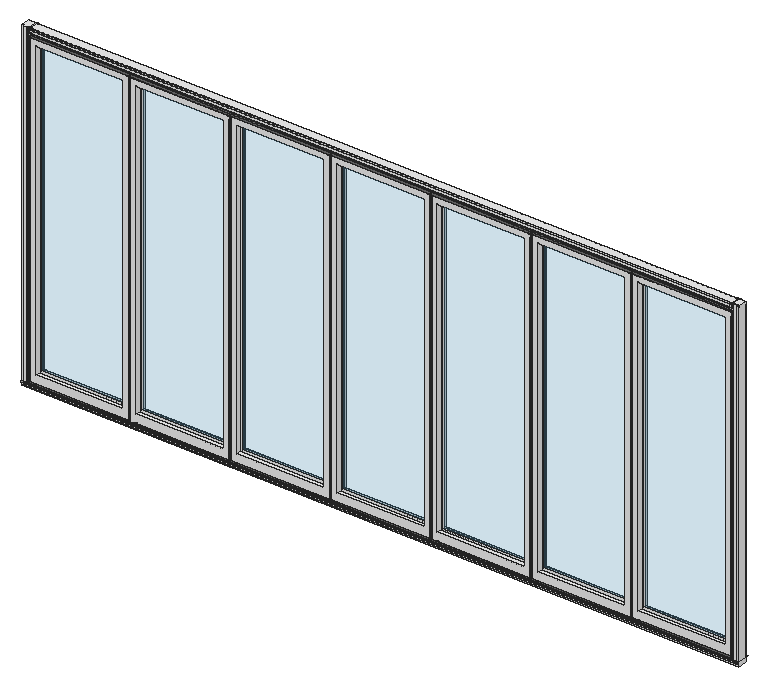
Revit family "Door-NanaWall-Acoustic-645_UPDATED_v2", category Doors, host Wall, Revit 2019 (continued)
Definition of nested family "Sill"
  Parameters (values of type "Sill")
    Height = 2438.40 mm
    Flush Sill = Constraint = 3  # yes
    Constraint = 3
    Assembly Code = ""
    Analytic Construction = "<None>"
  Reference planes
    plane 1 "Center (Front/Back)": y = 0
    plane 2: z = 0
    plane 3 "Center (Left/Right)": x = -185.473
    plane 4 "Left": x = -2928.673
    plane 5 "Right": x = 2557.727
    plane 6: x = -2928.673
    plane 7: x = 2557.727
  Forms (mm)
    Sweep 1, solid, material <- "Sill", visible <- "Flush Sill", detail levels medium+fine
      path origin (1592.527, -0.319, -10.5) x (-1, 0, 0) y (0, -1, 0)
        loop
          line (4521.2, 0) -> (-965.2, 0)
      profile origin (-185.473, -0.319, -10.5) x (0, 1, 0) y (0, 0, 1)
        loop
          line (17.419, -17.5) -> (31.919, -17.5) -> (31.919, -21) -> (29.619, -21) -> (30.021, -22.5) -> (33.919, -22.5) -> (33.919, 10.5) -> (53.465, 10.5)
          arc (53.465, 10.5) -> (53.95, 10.985) -> (53.772, 11.646) r 0.685
          line (53.772, 11.646) -> (52.919, 12.5) -> (-48.635, 12.5) -> (-49.488, 11.646)
          arc (-49.488, 11.646) -> (-49.666, 10.985) -> (-49.181, 10.5) r 0.685
          line (-49.181, 10.5) -> (-34.681, 10.5) -> (-34.681, -10.5) -> (-33.281, -10.5) -> (-33.281, -22.5) -> (-29.383, -22.5) -> (-28.981, -21) -> (-31.281, -21) -> (-31.281, -17.5) -> (-16.781, -17.5) -> (-16.781, -21) -> (-18.981, -21) -> (-18.579, -22.5) -> (-12.681, -22.5) -> (-12.681, -17.5) -> (-7.181, -17.5) -> (-7.181, -22.5) -> (-6.124, -22.5) -> (-3.006, -20.7) -> (12.644, -20.7) -> (15.761, -22.5) -> (19.217, -22.5) -> (19.619, -21) -> (17.419, -21) -> (17.419, -17.5)
    Sweep 2, solid, material <- "Sill", visible <- "Minimal Interior Sill", detail levels medium+fine
      path origin (1592.527, -0.319, 0) x (-1, 0, 0) y (0, -1, 0)
        loop
          line (4521.2, 0) -> (-965.2, 0)
      profile origin (-185.473, -0.319, 0) x (0, 1, 0) y (0, 0, 1)
        loop
          line (-11.681, 0) -> (-34.181, 0)
          arc (-34.181, 0) -> (-34.535, -0.146) -> (-34.681, -0.5) r 0.5
          line (-34.681, -0.5) -> (-34.681, -14)
          arc (-34.681, -14) -> (-34.535, -14.354) -> (-34.181, -14.5) r 0.5
          line (-34.181, -14.5) -> (23.819, -14.5)
          arc (23.819, -14.5) -> (24.172, -14.354) -> (24.319, -14) r 0.5
          line (24.319, -14) -> (24.319, -7.5)
          arc (24.319, -7.5) -> (24.172, -7.146) -> (23.819, -7) r 0.5
          line (23.819, -7) -> (19.119, -7)
          arc (19.119, -7) -> (18.765, -7.146) -> (18.619, -7.5) r 0.5
          line (18.619, -7.5) -> (18.619, -11.5)
          arc (18.619, -11.5) -> (18.472, -11.854) -> (18.119, -12) r 0.5
          line (18.119, -12) -> (-10.681, -12)
          arc (-10.681, -12) -> (-11.035, -11.854) -> (-11.181, -11.5) r 0.5
          line (-11.181, -11.5) -> (-11.181, -0.5)
          arc (-11.181, -0.5) -> (-11.328, -0.146) -> (-11.681, 0) r 0.5
  Lines and regions (mm)
    Masking region 1
      outline origin (0, 0, 0) x (1, 0, 0) y (0, 1, 0)
        loop
          line (-2928.673, -50.877) -> (2557.727, -50.877) -> (2557.727, 62.339) -> (-2928.673, 62.339) -> (-2928.673, -50.877)
    Masking region 2, visible <- "Flush Sill"
      outline origin (-185.473, 0, -10.5) x (0, 1, 0) y (0, 0, 1)
        loop
          line (53.454, 11.646) -> (52.6, 12.5) -> (-48.954, 12.5) -> (-49.807, 11.646)
          arc (-49.807, 11.646) -> (-49.985, 10.985) -> (-49.5, 10.5) r 0.685
          line (-49.5, 10.5) -> (-35, 10.5) -> (-35, -10.5) -> (-33.6, -10.5) -> (-33.6, -22.5) -> (-29.702, -22.5) -> (-29.3, -21) -> (-31.6, -21) -> (-31.6, -17.5) -> (-17.1, -17.5) -> (-17.1, -21) -> (-19.3, -21) -> (-18.898, -22.5) -> (-13, -22.5) -> (-13, -17.5) -> (-7.5, -17.5) -> (-7.5, -22.5) -> (-6.443, -22.5) -> (-3.325, -20.7) -> (12.325, -20.7) -> (15.443, -22.5) -> (18.898, -22.5) -> (19.3, -21) -> (17.1, -21) -> (17.1, -17.5) -> (31.6, -17.5) -> (31.6, -21) -> (29.3, -21) -> (29.702, -22.5) -> (33.6, -22.5) -> (33.6, 10.5) -> (53.146, 10.5)
          arc (53.146, 10.5) -> (53.631, 10.985) -> (53.454, 11.646) r 0.685
    Masking region 3, visible <- "Minimal Interior Sill"
      outline origin (-185.473, 0, 0) x (0, 1, 0) y (0, 0, 1)
        loop
          line (-11.5, -11.5) -> (-11.5, -0.5)
          arc (-11.5, -0.5) -> (-11.646, -0.146) -> (-12, 0) r 0.5
          line (-12, 0) -> (-34.5, 0)
          arc (-34.5, 0) -> (-34.854, -0.146) -> (-35, -0.5) r 0.5
          line (-35, -0.5) -> (-35, -14)
          arc (-35, -14) -> (-34.854, -14.354) -> (-34.5, -14.5) r 0.5
          line (-34.5, -14.5) -> (23.5, -14.5)
          arc (23.5, -14.5) -> (23.854, -14.354) -> (24, -14) r 0.5
          line (24, -14) -> (24, -7.5)
          arc (24, -7.5) -> (23.854, -7.146) -> (23.5, -7) r 0.5
          line (23.5, -7) -> (18.8, -7)
          arc (18.8, -7) -> (18.446, -7.146) -> (18.3, -7.5) r 0.5
          line (18.3, -7.5) -> (18.3, -11.5)
          arc (18.3, -11.5) -> (18.154, -11.854) -> (17.8, -12) r 0.5
          line (17.8, -12) -> (-11, -12)
          arc (-11, -12) -> (-11.354, -11.854) -> (-11.5, -11.5) r 0.5
  Dimensions and locks
    equal spacing: plane 4 "Left", plane 3 "Center (Left/Right)", plane 5 "Right"
    "Width": plane 4 "Left" to plane 5 "Right"
    aligned and locked: plane 5 "Right" to plane 7
    aligned and locked: plane 6 to plane 4 "Left"
    aligned and locked: Masking region 1 sketch curve to plane 6
    aligned and locked: plane 7 to Masking region 1 sketch curve
  Automatic sketch dimensions
    plane 1 "Center (Front/Back)" to Masking region 1 sketch curve = 50.877 mm
    Masking region 1 sketch curve to plane 1 "Center (Front/Back)" = 62.339 mm
    Sweep 1 sketch curve to plane 5 "Right" = 0.00 mm
    Sweep 1 sketch curve to plane 4 "Left" = 0.00 mm
    plane 1 "Center (Front/Back)" to Sweep 1 sketch curve = 0.319 mm
    Sweep 2 sketch curve to plane 5 "Right" = 0.00 mm
    Sweep 2 sketch curve to plane 4 "Left" = 0.00 mm
    plane 1 "Center (Front/Back)" to Sweep 2 sketch curve = 0.319 mm
    Sweep 2 sketch curve to profile plane = 0.00 mm
    profile plane to Sweep 2 sketch curve = 34.681 mm
    Sweep 2 sketch curve to profile plane = 0.50 mm
    profile plane to Sweep 2 sketch curve = 11.681 mm
    Sweep 2 sketch curve to Sweep 2 sketch curve = 0.50 mm  (x6)
    Sweep 2 sketch curve to profile plane = 18.119 mm
    Sweep 2 sketch curve to Sweep 2 sketch curve = 4.70 mm
    Sweep 2 sketch curve to Sweep 2 sketch curve = 11.50 mm
    Sweep 2 sketch curve to Sweep 2 sketch curve = 6.50 mm
    Sweep 2 sketch curve to Sweep 2 sketch curve = 4.00 mm
    Sweep 2 sketch curve to Sweep 2 sketch curve = 0.00 mm
    plane 1 "Center (Front/Back)" to Masking region 3 sketch curve = 11.50 mm
    Masking region 3 sketch curve to Masking region 3 sketch curve = 0.50 mm  (x6)
    Masking region 3 sketch curve to level = 11.50 mm
    Masking region 3 sketch curve to level = 0.50 mm  (x2)
    Masking region 3 sketch curve to plane 1 "Center (Front/Back)" = 17.80 mm
    Masking region 3 sketch curve to Masking region 3 sketch curve = 4.00 mm
    Masking region 3 sketch curve to Masking region 3 sketch curve = 4.70 mm
    Masking region 3 sketch curve to Masking region 3 sketch curve = 2.50 mm
    Masking region 3 sketch curve to Masking region 3 sketch curve = 23.00 mm
    Masking region 3 sketch curve to level = 0.00 mm
    plane 1 "Center (Front/Back)" to Masking region 2 sketch curve = 49.807 mm
    Masking region 2 sketch curve to Masking region 2 sketch curve = 0.307 mm
    Masking region 2 sketch curve to Masking region 2 sketch curve = 0.177 mm  (x2)
    Masking region 2 sketch curve to Masking region 2 sketch curve = 0.854 mm  (x2)
    Masking region 2 sketch curve to Masking region 2 sketch curve = 13.954 mm
    Masking region 2 sketch curve to Masking region 2 sketch curve = 1.40 mm
    Masking region 2 sketch curve to Masking region 2 sketch curve = 2.00 mm  (x2)
    Masking region 2 sketch curve to Masking region 2 sketch curve = 1.898 mm
    Masking region 2 sketch curve to Masking region 2 sketch curve = 0.402 mm  (x4)
    Masking region 2 sketch curve to Masking region 2 sketch curve = 10.00 mm  (x2)
    Masking region 2 sketch curve to Masking region 2 sketch curve = 2.20 mm
    Masking region 2 sketch curve to Masking region 2 sketch curve = 4.10 mm
    Masking region 2 sketch curve to Masking region 2 sketch curve = 5.50 mm
    Masking region 2 sketch curve to Masking region 2 sketch curve = 1.057 mm
    Masking region 2 sketch curve to Masking region 2 sketch curve = 3.118 mm  (x2)
    Masking region 2 sketch curve to level = 31.20 mm
    Masking region 2 sketch curve to Masking region 2 sketch curve = 15.65 mm
    Masking region 2 sketch curve to Masking region 2 sketch curve = 1.657 mm
    Masking region 2 sketch curve to Masking region 2 sketch curve = 1.798 mm
    Masking region 2 sketch curve to level = 31.50 mm
    Masking region 2 sketch curve to level = 33.00 mm
    Masking region 2 sketch curve to Masking region 2 sketch curve = 2.30 mm
    Masking region 2 sketch curve to Masking region 2 sketch curve = 19.00 mm
    Masking region 2 sketch curve to Masking region 2 sketch curve = 0.369 mm
    level to Masking region 2 sketch curve = 1.146 mm
    Masking region 2 sketch curve to Masking region 2 sketch curve = 0.485 mm
    Masking region 2 sketch curve to Masking region 2 sketch curve = 1.80 mm  (x2)
    Masking region 2 sketch curve to Masking region 2 sketch curve = 1.50 mm  (x4)
    Masking region 2 sketch curve to Masking region 2 sketch curve = 0.00 mm
    Masking region 2 sketch curve to Masking region 2 sketch curve = 5.00 mm
    Masking region 2 sketch curve to Masking region 2 sketch curve = 3.50 mm  (x2)
    Masking region 2 sketch curve to Masking region 2 sketch curve = 7.00 mm
    Masking region 2 sketch curve to Masking region 2 sketch curve = 21.00 mm
    Masking region 2 sketch curve to Masking region 2 sketch curve = 1.146 mm
    Masking region 2 sketch curve to Masking region 2 sketch curve = 0.662 mm
    profile plane to Sweep 1 sketch curve = 11.646 mm  (x2)
    profile plane to Sweep 1 sketch curve = 49.488 mm
    Sweep 1 sketch curve to Sweep 1 sketch curve = 0.307 mm
    Sweep 1 sketch curve to Sweep 1 sketch curve = 0.177 mm  (x2)
    Sweep 1 sketch curve to Sweep 1 sketch curve = 0.854 mm  (x2)
    Sweep 1 sketch curve to profile plane = 10.50 mm
    Sweep 1 sketch curve to Sweep 1 sketch curve = 14.50 mm
    Sweep 1 sketch curve to Sweep 1 sketch curve = 1.40 mm
    Sweep 1 sketch curve to Sweep 1 sketch curve = 2.00 mm  (x2)
    Sweep 1 sketch curve to Sweep 1 sketch curve = 1.898 mm
    Sweep 1 sketch curve to Sweep 1 sketch curve = 0.402 mm  (x4)
    Sweep 1 sketch curve to Sweep 1 sketch curve = 10.00 mm  (x2)
    Sweep 1 sketch curve to Sweep 1 sketch curve = 2.20 mm
    Sweep 1 sketch curve to Sweep 1 sketch curve = 4.10 mm
    Sweep 1 sketch curve to Sweep 1 sketch curve = 5.50 mm
    Sweep 1 sketch curve to Sweep 1 sketch curve = 1.057 mm
    profile plane to Sweep 1 sketch curve = 3.006 mm
    Sweep 1 sketch curve to profile plane = 12.644 mm
    Sweep 1 sketch curve to Sweep 1 sketch curve = 3.118 mm
    Sweep 1 sketch curve to Sweep 1 sketch curve = 1.657 mm
    Sweep 1 sketch curve to Sweep 1 sketch curve = 1.798 mm
    Sweep 1 sketch curve to Sweep 1 sketch curve = 2.30 mm
    profile plane to Sweep 1 sketch curve = 10.50 mm  (x2)
    Sweep 1 sketch curve to Sweep 1 sketch curve = 19.00 mm
    Sweep 1 sketch curve to Sweep 1 sketch curve = 0.369 mm
    Sweep 1 sketch curve to Sweep 1 sketch curve = 0.485 mm
    Sweep 1 sketch curve to profile plane = 17.50 mm
    Sweep 1 sketch curve to Sweep 1 sketch curve = 7.00 mm
    Sweep 1 sketch curve to Sweep 1 sketch curve = 0.00 mm
    Sweep 1 sketch curve to Sweep 1 sketch curve = 3.20 mm
    Sweep 1 sketch curve to Sweep 1 sketch curve = 3.50 mm  (x4)
    Sweep 1 sketch curve to Sweep 1 sketch curve = 1.80 mm
    Sweep 1 sketch curve to Sweep 1 sketch curve = 1.50 mm  (x4)
Definition of nested family "DetailItem_Door_Elevation"
  Parameters (values of type "DetailItem_Door_Elevation")
    Panel Width = 1064.833 mm
    Panel Heigth = 2844.60 mm
    Assembly Code = ""
  Reference planes
    plane 1 "Center (Front/Back)": y = -59.888
    plane 2: z = 0
    plane 3 "Center (Left/Right)": x = 1.15
    plane 4: x = 1065.983
    plane 5: y = 2784.712
    plane 6: y = 1362.412
    plane 7: x = 533.567
  Lines and regions (mm)
    detail lines, in view "Ref. Level"
      curve 1: line (1065.983, 2784.712, 0) -> (1.15, 1362.412, 0)
      curve 2: line (1.15, 1362.412, 0) -> (1065.983, -59.888, 0)
  Dimensions and locks
    "Panel Width": plane 3 "Center (Left/Right)" to plane 4
    "Panel Heigth": plane 5 to plane 1 "Center (Front/Back)"
    equal spacing: plane 5, plane 6, plane 1 "Center (Front/Back)"
    equal spacing: plane 3 "Center (Left/Right)", plane 7, plane 4
    aligned and locked: plane 6 to nested 1
    aligned and locked: nested 1 to plane 7
  Automatic sketch dimensions
    curve 2 to plane 3 "Center (Left/Right)" = 0.00 mm
    curve 1 to plane 4 = 0.00 mm
    curve 2 to plane 6 = 0.00 mm
    curve 1 to plane 5 = 0.00 mm
    plane 1 "Center (Front/Back)" to curve 2 = 0.00 mm
    curve 2 to plane 4 = 0.00 mm
  Nested families
    nested 1: "DetailItem_arrow" at (2.3, 1320.7, 0) x (-1, 0, 0) z (0, 0, 1), type "DetailItem_arrow", in view "Ref. Level"
  Definition of nested family "DetailItem_arrow"
    Parameters (values of type "DetailItem_arrow")
      Separation constraint = 532.417 mm
      Assembly Code = ""
    Reference planes
      plane 1 "Center (Front/Back)": y = -59.888
      plane 2: z = 0
      plane 3 "Center (Left/Right)": x = 1.15
      plane 4: x = -461.417
      plane 5: x = -588.417
      plane 6: x = -496.342
      plane 7: y = 41.712
      plane 8: y = 8.716
      plane 9: x = -531.267
    Lines and regions (mm)
      detail lines, in view "Ref. Level"
        curve 1: line (-588.417, 41.712, 0) -> (-461.417, 41.712, 0)
        curve 2: line (-461.417, 41.712, 0) -> (-496.342, 8.716, 0)
    Dimensions and locks
      locked: plane 8 to plane 7 at 32.996
      locked: plane 1 "Center (Front/Back)" to plane 7 at 101.6
      plane 4 to plane 6 to plane 9 to plane 5 = 34.925 mm locked, 34.925 mm locked, 57.15 mm locked
      "Separation constraint": plane 9 to plane 3 "Center (Left/Right)"
    Automatic sketch dimensions
      curve 1 to plane 5 = 0.00 mm
      curve 2 to plane 6 = 0.00 mm
      curve 2 to plane 4 = 0.00 mm
      plane 8 to curve 2 = 0.00 mm
      plane 7 to curve 2 = 0.00 mm
Definition of nested family "DetailItem_Panel"
  Parameters
    Panel Thickness = 44.45 mm
    Panel Width = 749.995 mm
    Assembly Code = ""
  Reference planes
    plane 1 "Center (Front/Back)": y = -42.168
    plane 2: z = 0
    plane 3 "Center (Left/Right)": x = 1.15
    plane 4 "Right": x = 23.375
    plane 5: x = -21.075
    plane 6 "Back": y = 332.829
    plane 7: y = -417.165
  Lines and regions (mm)
    detail lines, in view "Ref. Level"
      curve 1: line (-21.075, 332.829, 0) -> (-21.075, -417.165, 0)
      curve 2: line (-21.075, 332.829, 0) -> (23.375, 332.829, 0)
      curve 3: line (23.375, 332.829, 0) -> (23.375, -417.165, 0)
      curve 4: line (-21.075, -417.165, 0) -> (23.375, -417.165, 0)
  Dimensions and locks
    equal spacing: plane 5, plane 3 "Center (Left/Right)", plane 4 "Right"
    "Panel Thickness": plane 5 to plane 4 "Right"
    equal spacing: plane 6 "Back", plane 1 "Center (Front/Back)", plane 7
    "Panel Width": plane 6 "Back" to plane 7
    aligned and locked: curve 1 to plane 5
    aligned and locked: curve 2 to plane 6 "Back"
    aligned and locked: curve 3 to plane 4 "Right"
    aligned and locked: curve 4 to plane 7
Definition of nested family "DetailItem_Door_Plan"
  Parameters (values of type "DetailItem_Door_Plan")
    Panel Width = 711.121 mm
    C_Arrow = Panel Width / 2  # 355.56 mm
    Assembly Code = ""
  Reference planes
    plane 1 "Center (Front/Back)": y = -59.888
    plane 2: z = 0
    plane 3 "Center (Left/Right)": x = 1.15
    plane 4: x = 712.271
    plane 5: y = 651.233
  Lines and regions (mm)
    detail lines, in view "Ref. Level"
      curve 1: line (1.15, -59.888, 0) -> (1.15, 651.233, 0)
      curve 2: arc (1.15, 651.233, 0) -> (503.988, 442.95, 0) -> (712.271, -59.888, 0) r 711.121
  Dimensions and locks
    "Panel Width": plane 3 "Center (Left/Right)" to plane 4
    "Panel Width": plane 5 to plane 1 "Center (Front/Back)"
    aligned and locked: plane 1 "Center (Front/Back)" to curve 2
    aligned and locked: plane 4 to curve 2
    aligned and locked: plane 5 to curve 2
    aligned and locked: plane 1 "Center (Front/Back)" to curve 1
    aligned and locked: plane 3 "Center (Left/Right)" to curve 1
    aligned and locked: nested 1 to plane 3 "Center (Left/Right)"
  Nested families
    nested 1: "DetailItem_arrow" at (2.3, -200.739, 0) x (-1, 0, 0) z (0, 0, 1), type "DetailItem_arrow", in view "Ref. Level"
  Definition of nested family "DetailItem_arrow"
    Parameters (values of type "DetailItem_arrow")
      Separation constraint = 355.56 mm
      Assembly Code = ""
    Reference planes
      plane 1 "Center (Front/Back)": y = -59.888
      plane 2: z = 0
      plane 3 "Center (Left/Right)": x = 1.15
      plane 4: x = -284.56
      plane 5: x = -411.56
      plane 6: x = -319.485
      plane 7: y = 41.712
      plane 8: y = 8.716
      plane 9: x = -354.41
    Lines and regions (mm)
      detail lines, in view "Ref. Level"
        curve 1: line (-411.56, 41.712, 0) -> (-284.56, 41.712, 0)
        curve 2: line (-284.56, 41.712, 0) -> (-319.485, 8.716, 0)
    Dimensions and locks
      locked: plane 8 to plane 7 at 32.996
      locked: plane 1 "Center (Front/Back)" to plane 7 at 101.6
      plane 4 to plane 6 to plane 9 to plane 5 = 34.925 mm locked, 34.925 mm locked, 57.15 mm locked
      "Separation constraint": plane 9 to plane 3 "Center (Left/Right)"
    Automatic sketch dimensions
      curve 1 to plane 5 = 0.00 mm
      curve 2 to plane 6 = 0.00 mm
      curve 2 to plane 4 = 0.00 mm
      plane 8 to curve 2 = 0.00 mm
      plane 7 to curve 2 = 0.00 mm
Definition of nested family "DetailItem_arrow"
  Parameters (values of type "DetailItem_arrow")
    Separation constraint = 354.542 mm
    Assembly Code = ""
  Reference planes
    plane 1 "Center (Front/Back)": y = -59.888
    plane 2: z = 0
    plane 3 "Center (Left/Right)": x = 1.15
    plane 4: x = -283.542
    plane 5: x = -410.542
    plane 6: x = -318.467
    plane 7: y = 41.712
    plane 8: y = 8.716
    plane 9: x = -353.392
  Lines and regions (mm)
    detail lines, in view "Ref. Level"
      curve 1: line (-410.542, 41.712, 0) -> (-283.542, 41.712, 0)
      curve 2: line (-283.542, 41.712, 0) -> (-318.467, 8.716, 0)
  Dimensions and locks
    locked: plane 8 to plane 7 at 32.996
    locked: plane 1 "Center (Front/Back)" to plane 7 at 101.6
    plane 4 to plane 6 to plane 9 to plane 5 = 34.925 mm locked, 34.925 mm locked, 57.15 mm locked
    "Separation constraint": plane 9 to plane 3 "Center (Left/Right)"
  Automatic sketch dimensions
    curve 1 to plane 5 = 0.00 mm
    curve 2 to plane 6 = 0.00 mm
    curve 2 to plane 4 = 0.00 mm
    plane 8 to curve 2 = 0.00 mm
    plane 7 to curve 2 = 0.00 mm
Definition of nested family "640_hinge"
  Reference planes
    plane 1 "Center (Front/Back)": y = 0
    plane 2: z = 0
    plane 3 "Center (Left/Right)": x = 0
  Lines and regions (mm)
    detail lines, in view "Ref. Level"
      curve 1: arc (10, 10.504, 0) -> (-5.292, 18.99, 0) -> (-4.4, 1.524, 0) r 10
      curve 2: line (10, 0, 0) -> (10, 10.504, 0)
      curve 3: circle (0, 10.504, 0) r 6.1 normal (0, 0, 1)
      curve 4: line (10, 0, 0) -> (-3.106, 0, 0)
      curve 5: arc (-3.106, 0, 0) -> (-3.594, 0.897, 0) -> (-4.4, 1.524, 0) r 2.5
Definition of nested family "640_Open_hinge"
  Reference planes
    plane 1 "Center (Front/Back)": y = 0
    plane 2: z = 0
    plane 3 "Center (Left/Right)": x = 0
  Lines and regions (mm)
    detail lines, in view "Ref. Level"
      curve 1: circle (0, 0, 0) r 10 normal (0, 0, 1)
      curve 2: circle (0, 0, 0) r 6.1 normal (0, 0, 1)
Types (3, lengths in mm): name | c Half Panel Height | c Down Offset | Panel Height | Max Panel Height | Constraints
  Standard | 1192.70 | 2.00 | 2385.40 | 2385.40 | 3
  Flush Sill | 1192.70 | 2.00 | 2385.40 | 2385.40 | 3
  Minimal Interior Sill | 1193.70 | 0.00 | 2387.40 | 2387.40 | 4
